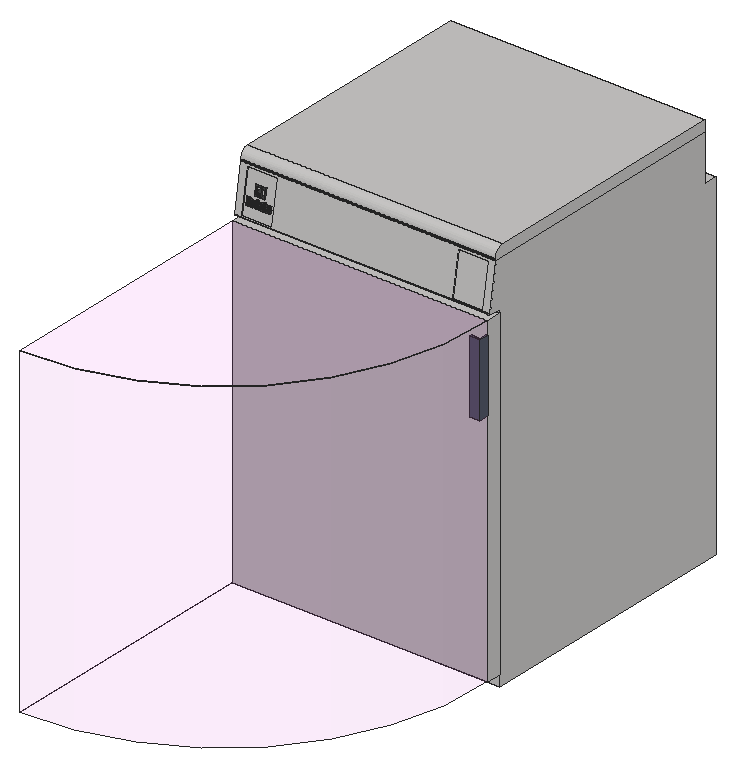
Revit family "QF_ELECTROLUXPROFESSIONAL_1LSNSP_TD6-10_E", category Attrezzature speciali, Revit 2021
Family settings
  Quota connettore circolare = Usa diametro
  Tipo di parte = Normale
  Basato su piano di lavoro = No
  Sempre verticale = Sì
  Taglio con vuoti quando caricato = No
  Condiviso = No
  Punto di calcolo locali = No
Parameters (values of type "9873530016")
  Weight = 99
  Watts = 4500 W
  Volts = 115 V
  URL = "www.electroluxprofessional.com"
  Steam Pounds per Hour = 0
  Show Logo [instance] = yes
  Show Clearance [instance] = yes
  Sensible Heat Output = "0.0"
  Prospetto di default = 0 mm
  Produttore = "Electrolux Professional"
  Phase = 3
  Modello = "TD6-10"
  Length Actual = 720 mm
  Latent Heat Output = "0.0"
  Item Number = "1LSP0G"
  Height Actual = 1115 mm
  Gas KW = 0
  Descrizione = "TUMBLE DRYER TD6-10 MARINE 10KG/23LB GALVA.DRUM EL 4,4KW 115/60/3 COMPASS PRO 6G81 SLVR/SLVR DO.RIGHT REV MB DISCON"
  Depth Actual = 765 mm
  Cycle = 60 Hz
  Corrente [instance] = "24.7"
Types (36, lengths in mm): name | Watts | Volts | Phase | Item Number | Descrizione | Cycle | Corrente
  (no name) | 4500 W | 115 V | 3 | "1LSP0G" | "TUMBLE DRYER TD6-10 MARINE 10KG/23LB GALVA.DRUM EL 4,4KW 115/60/3 COMPASS PRO 6G81 SLVR/SLVR DO.RIGHT REV MB DISCON" | 60 Hz | "24.7"
  9873530045 | 8400 W | 400 V | 3 | "1LA262" | "TUMBLE DRYER TD6-10 10KG/23LB SST DRUM EL 8KW 400/50/3N COMPASS PRO 6G81 SST/SLVR DO.RIGHT REV MB DISCON XT.CON" | 50 Hz | "12.9"
  9873530005 | 8400 W | 400 V | 3 | "1LSP06" | "TUMBLE DRYER TD6-10 10KG/23LB SST DRUM EL 8KW 400/50/3N COMPASS PRO 6G81 SLVR/SLVR DO.RIGHT REV MB DISCON XT.CON" | 50 Hz | "12.9"
  9873530015 | 8400 W | 440 V | 3 | "1LSP0F" | "TUMBLE DRYER TD6-10 MARINE 10KG/23LB SST DRUM EL 8KW 440/60/3 COMPASS PRO 6G81 SLVR/SLVR DO.RIGHT REV MB DISCON" | 60 Hz | "11.8"
  9873530040 | 8400 W | 415 V | 3 | "1L0GZC" | "TUMBLE DRYER TD6-10 MARINE 10KG/23LB SST DRUM EL 8KW 415/50/3 COMPASS PRO 6G81 SST/SLVR DO.LEFT REV MB STOP DISCON" | 50 Hz | "12.4"
  9873530010 | 8400 W | 230 V | 1 | "1LSP0B" | "TUMBLE DRYER TD6-10 10KG/23LB GALVA.DRUM EL 8KW 230/50/1N COMPASS PRO 6G81 SLVR/SLVR DO.RIGHT REV MB DISCON XT.CON" | 50 Hz | "36.7"
  9873530028 | 6400 W | 230 V | 1 | "1L0GB1" | "TUMBLE DRYER TD6-10 10KG/23LB GALVA.DRUM EL 6KW 230/60/1N COMPASS PRO 6G81 SST/SLVR DO.RIGHT REV MB DISCON XT.CON" | 60 Hz | "28.0"
  9873530038 | 6400 W | 230 V | 3 | "1LA24N" | "TUMBLE DRYER TD6-10 10KG/23LB SST DRUM EL 6KW 230/50/3 COMPASS PRO 6G82 SLVR/SLVR DO.LEFT REV STOP DISCON" | 50 Hz | "16.7"
  9873530008 | 6400 W | 440 V | 3 | "1LSP09" | "TUMBLE DRYER TD6-10 MARINE 10KG/23LB GALVA.DRUM EL 6KW 440/60/3 COMPASS PRO 6G81 SLVR/SLVR DO.RIGHT REV MB DISCON" | 60 Hz | "9.2"
  9873530018 | 6400 W | 230 V | 3 | "1LSP20" | "TUMBLE DRYER TD6-10 10KG/23LB GALVA.DRUM EL 6KW 230/60/3 COMPASS PRO 6G81 SST/SLVR DO.RIGHT REV MB DISCON" | 60 Hz | "16.7"
  9873530047 | 8400 W | 480 V | 3 | "1LT6VG" | "TUMBLE DRYER TD6-10 MARINE 10KG SST DRUM EL 8KW 480/60/3 COMPASS PRO 6G81 SST/SLVR DO.RIGHT REV MB STOP DISCON" | 60 Hz | "10.9"
  9873530037 | 6400 W | 400 V | 3 | "1LA24M" | "TUMBLE DRYER TD6-10 10KG/23LB GALVA.DRUM EL 6KW 400/50/3N COMPASS PRO 6G81 SST/SLVR DO.RIGHT REV MB DISCON XT.CON" | 50 Hz | "10.0"
  9873530007 | 8400 W | 400 V | 3 | "1LSP08" | "TUMBLE DRYER TD6-10 10KG/23LB GALVA.DRUM EL 8KW 400/50/3N COMPASS PRO 6A81 2.I/O SLVR/SLVR DO.RIGHT PREP.CB REV MB D..." | 50 Hz | "12.9"
  9873530017 | 8400 W | 440 V | 3 | "1LSP0H" | "TUMBLE DRYER TD6-10 MARINE 10KG/23LB GALVA.DRUM EL 8KW 440/60/3 COMPASS PRO 6G81 SST/SLVR DO.RIGHT REV MB DISCON" | 60 Hz | "11.8"
  9873530042 | 8400 W | 400 V | 3 | "1L828Y" | "TUMBLE DRYER TD6-10 10KG/23LB GALVA.DRUM EL 8KW 400/50/3N COMPASS PRO 6L80 SLVR/SLVR DO.RIGHT REV DISCON XT.CON" | 50 Hz | "12.9"
  9873530032 | 8400 W | 480 V | 3 | "1L0GFJ" | "TUMBLE DRYER TD6-10 MARINE 10KG/23LB GALVA.DRUM EL 8KW 480/60/3 COMPASS PRO 6G81 SLVR/SLVR DO.LEFT REV MB DISCON" | 60 Hz | "10.9"
  9873530002 | 6400 W | 400 V | 3 | "1LSP04" | "TUMBLE DRYER TD6-10 10KG/23LB GALVA.DRUM EL 6KW 400/50/3N COMPASS PRO 6G81 SLVR/SLVR DO.RIGHT REV MB DISCON XT.CON" | 50 Hz | "10.0"
  9873530012 | 6400 W | 400 V | 3 | "1LSP0D" | "TUMBLE DRYER TD6-10 MARINE 10KG/23LB GALVA.DRUM EL 6KW 400/50/3 COMPASS PRO 6G81 SLVR/SLVR DO.RIGHT REV MB DISCON" | 50 Hz | "10.0"
  9873530041 | 6400 W | 230 V | 1 | "1L0GZD" | "TUMBLE DRYER TD6-10 MARINE 10KG/23LB SST DRUM EL 6KW 230/50/1N COMPASS PRO 6G81 SST/SLVR DO.RIGHT REV MB DISCON XT.CON" | 50 Hz | "28.0"
  9873530001 | 6400 W | 400 V | 3 | "1LSNT5" | "TUMBLE DRYER TD6-10 10KG/23LB GALVA.DRUM EL 6KW 400/50/3N COMPASS PRO 6A81 SLVR/SLVR DO.LEFT REV MB XT.CON" | 50 Hz | "10.0"
  9873530011 | 8400 W | 400 V | 3 | "1LSP0C" | "TUMBLE DRYER TD6-10 10KG/23LB GALVA.DRUM EL 8KW 400/50/3N COMPASS PRO 6L80 2.I/O SLVR/SLVR DO.RIGHT EXT.PM. REV DISC..." | 50 Hz | "12.9"
  9873530039 | 6400 W | 230 V | 1 | "1LSPL2" | "TUMBLE DRYER TD6-10 10KG/23LB SST DRUM EL 6KW 230/50/1N COMPASS PRO 6G81 SLVR/SLVR DO.RIGHT REV MB DISCON XT.CON" | 50 Hz | "28.0"
  9873530009 | 8400 W | 230 V | 3 | "1LSP0A" | "TUMBLE DRYER TD6-10 10KG/23LB GALVA.DRUM EL 8KW 230/50/3 COMPASS PRO 6G81 SLVR/SLVR DO.RIGHT REV MB DISCON" | 50 Hz | "21.7"
  9873530019 | 8400 W | 440 V | 3 | "1LA09Z" | "TUMBLE DRYER TD6-10 MARINE 10KG/23LB SST DRUM EL 8KW 440/60/3 COMPASS PRO 6G81 SST/SLVR DO.RIGHT REV MB DISCON" | 60 Hz | "11.8"
  9873530044 | 8400 W | 240 V | 3 | "1LA25T" | "TUMBLE DRYER TD6-10 MARINE 10KG/23LB SST DRUM EL 8KW 208-240/60/3 COMPASS PRO 6G81 SLVR/SLVR DO.RIGHT REV MB STOP DI..." | 60 Hz | "20.8"
  9873530024 | 8400 W | 400 V | 3 | "1LSP4W" | "TUMBLE DRYER TD6-10 10KG/23LB SST DRUM EL 8KW 400/50/3N COMPASS PRO 6G81 SLVR/SLVR DO.LEFT REV MB STOP DISCON XT.CON" | 50 Hz | "12.9"
  9873530034 | 6400 W | 230 V | 3 | "1L0GTM" | "TUMBLE DRYER TD6-10 MARINE 10KG/23LB SST DRUM EL 6KW 230/50/3 COMPASS PRO 6G82 SLVR/SLVR DO.LEFT REV STOP DISCON" | 50 Hz | "16.7"
  9873530004 | 8400 W | 400 V | 3 | "1LSP05" | "TUMBLE DRYER TD6-10 10KG/23LB GALVA.DRUM EL 8KW 400/50/3N COMPASS PRO 6A81 SLVR/SLVR DO.RIGHT ELS-NETW. REV MB DISCO..." | 50 Hz | "12.9"
  9873530014 | 8400 W | 400 V | 3 | "1LSP0E" | "TUMBLE DRYER TD6-10 10KG/23LB SST DRUM EL 8KW 400/50/3 COMPASS PRO 6G81 SLVR/SLVR DO.RIGHT REV MB DISCON" | 50 Hz | "12.9"
  9873530043 | 8400 W | 240 V | 3 | "1L82B0" | "TUMBLE DRYER TD6-10 MARINE 10KG/23LB GALVA.DRUM EL 8KW 208-240/60/3 COMPASS PRO 6G81 SST/SLVR DO.RIGHT REV MB DISCON" | 60 Hz | "20.8"
  9873530033 | 6400 W | 400 V | 3 | "1LSPDB" | "TUMBLE DRYER TD6-10 MARINE 10KG/23LB GALVA.DRUM EL 6KW 400/60/3N COMPASS PRO 6G82 SLVR/SLVR DO.RIGHT REV STOP DISCON..." | 60 Hz | "10.0"
  9873530003 | 8400 W | 400 V | 3 | "1LSP0N" | "TUMBLE DRYER TD6-10 10KG/23LB GALVA.DRUM EL 8KW 400/50/3N COMPASS PRO 6G81 SLVR/SLVR DO.RIGHT REV MB DISCON XT.CON" | 50 Hz | "12.9"
  9873530013 | 8400 W | 400 V | 3 | "1L0HE0" | "TUMBLE DRYER TD6-10 MARINE 10KG/23LB SST DRUM EL 8KW 400/50/3 COMPASS PRO 6G81 SLVR/SLVR DO.RIGHT REV MB DISCON" | 50 Hz | "12.9"
  9873530036 | 8400 W | 400 V | 3 | "1L0GUU" | "TUMBLE DRYER TD6-10 10KG/23LB GALVA.DRUM EL 8KW 400/50/3N COMPASS PRO 6L80 SLVR/SLVR DO.RIGHT REV XT.CON" | 50 Hz | "12.9"
  9873530006 | 6400 W | 230 V | 1 | "1LSP07" | "TUMBLE DRYER TD6-10 10KG/23LB GALVA.DRUM EL 6KW 230/50/1N COMPASS PRO 6G81 SLVR/SLVR DO.RIGHT REV MB DISCON XT.CON" | 50 Hz | "28.0"
  9873530016 | 4500 W | 115 V | 3 | "1LSP0G" | "TUMBLE DRYER TD6-10 MARINE 10KG/23LB GALVA.DRUM EL 4,4KW 115/60/3 COMPASS PRO 6G81 SLVR/SLVR DO.RIGHT REV MB DISCON" | 60 Hz | "24.7"
Reference planes
  plane 1 "Center X": y = 53.8
  plane 2: z = 0
  plane 3 "Centro (Sinistra/Destra)": x = -439
  plane 4 "BACK": y = 414.5
  plane 5 "LEFT": x = -799
  plane 6 "RIGHT": x = -79
  plane 7 "TOP": z = 1115
  plane 8: z = 544
  plane 9 "FRONT": y = -390.5
  plane 10: y = -1140.5
Forms (mm)
  Extrusion 1, solid, material "QF_Finishes_Stainless Steel"
    sketch origin (718.1, -398.1, 598.796) x (0, 0, -1) y (0, 1, 0)
      loop
        line (568.796, 812.6) -> (-356.204, 812.6) -> (-356.204, 50.485) -> (568.796, 50.485) -> (568.796, 812.6)
    from -1517.1 to -797.1
  Extrusion 2, solid, material "QF_Finishes_Stainless Steel"
    sketch origin (718.1, -398.1, 534.496) x (0, 0, -1) y (0, 1, 0)
      loop
        line (-550.504, 776.9) -> (-580.504, 776.9) -> (-580.504, 61.627)
        arc (-580.504, 61.627) -> (-573.182, 43.95) -> (-555.504, 36.627) r 25
        line (-555.504, 36.627) -> (-553.385, 36.627)
        arc (-553.385, 36.627) -> (-551.348, 37.471) -> (-550.504, 39.508) r 2.881
        line (-550.504, 39.508) -> (-550.504, 776.9)
    from -1517.1 to -797.1
  Extrusion 3, solid, material "QF_Finishes_Stainless Steel"
    sketch origin (653.591, 364.5, -144.635) x (0, 0, 1) y (1, 0, 0)
      loop
        circle (1079.611, -777.591) r 13.893
    from 14.3 to 50
  Extrusion 4, solid, material "QF_Finishes_Stainless Steel"
    sketch origin (591.705, 414.5, 23.818) x (0, 0, 1) y (1, 0, 0)
      loop
        circle (66.19, -1275.711) r 75
    from 0 to 5
  Extrusion 5, solid, material "QF_Finishes_Stainless Steel"
    sketch origin (-439, 0, 0) x (0, 1, 0) y (0, 0, 1)
      loop
        line (378.8, 955) -> (378.8, 1085) -> (-361.119, 1085) -> (-383.447, 958.374)
        arc (-383.447, 958.374) -> (-382.818, 956.027) -> (-380.615, 955) r 2.875
        line (-380.615, 955) -> (378.8, 955)
    from -360 to 360
  Extrusion 6, solid, material "QF_Finishes_Stainless Steel"
    sketch origin (0, 0, 1114.3) x (-1, 0, 0) y (0, -1, 0)
      loop
        line (799, -414.5) -> (799, 347.616) -> (79, 347.616) -> (79, -414.5) -> (799, -414.5)
    from -1114.3 to -1084.3
  Extrusion 7, solid, material "QF_Finishes_Stainless Steel"
    sketch origin (-439, -22.5, 0) x (0, 1, 0) y (0, 0, 1)
      loop
        line (-325.116, 946) -> (-368, 946) -> (-368, 30) -> (-325.116, 30) -> (-325.116, 946)
    from -360 to 360
  Extrusion 8, void
    sketch origin (-439, -390.5, 918.374) x (0, -0.173648, -0.984808) y (-1, 0, 0)
      loop
        line (-162.54, 340.421) -> (-162.54, 255.421) -> (-42.97, 255.421) -> (-42.97, 340.421) -> (-162.54, 340.421)
      loop
        line (-162.54, -340.421) -> (-42.97, -340.421) -> (-42.97, -255.421) -> (-162.54, -255.421) -> (-162.54, -340.421)
    from 0 to 1.6
  Extrusion 9, solid, material "QF_Finishes_Blue"
    sketch origin (0, -6.937, 234.875) x (1, 0, 0) y (0, 1, 0)
      loop
        line (-79, -383.563) -> (-84, -383.563) -> (-84, -405.022) -> (-106.5, -405.022) -> (-106.5, -410.022) -> (-79, -410.022) -> (-79, -383.563)
    from 469.719 to 673.137
  Extrusion 10, solid, material "QF_Door-Drawer Clearances", visible <- "Show Clearance"
    sketch origin (0, -59.522, 0) x (1, 0, 0) y (0, 1, 0)
      loop
        line (-799, -330.978) -> (-799, -1080.978)
        arc (-799, -1080.978) -> (-274.863, -863.549) -> (-79, -330.978) r 707.588
        line (-79, -330.978) -> (-799, -330.978)
    from 30 to 946
Cuts and joins
  Extrusion 8 cuts Extrusion 1
  Extrusion 8 cuts Extrusion 5
  Extrusion 8 cuts Extrusion 6
  joined: Extrusion 1, Extrusion 5, Extrusion 6
Lines and regions (mm)
  Split face 1
    outline origin (-79, -361.119, 1085) x (-1, 0, 0) y (0, -0.173648, -0.984808)
      loop
        line (470, 13.377) -> (470, 124.524) -> (250, 124.524) -> (250, 13.377) -> (470, 13.377)
  symbolic lines
    curve 1: line (-79, 414.5, 1115) -> (-799, 414.5, 1115)
    curve 2: line (-799, -390.5, 1115) -> (-79, -390.5, 1115)
    curve 3: line (-79, 414.5, 0) -> (-79, -390.5, 0)
    curve 4: line (-799, 414.5, 0) -> (-799, -390.5, 0)
    curve 5: line (-84, -390.5, 0) -> (-84, -411.96, 0)
    curve 6: line (-79, -416.96, 0) -> (-79, -390.5, 0)
    curve 7: line (-106.5, -416.96, 0) -> (-79, -416.96, 0)
    curve 8: line (-106.5, -411.96, 0) -> (-106.5, -416.96, 0)
    curve 9: line (-84, -411.96, 0) -> (-106.5, -411.96, 0)
    curve 10: line (-79, 378.8, 0) -> (-799, 378.8, 0)
  symbolic lines, style "QF_Door-Drawer Clearances"
    curve 11: arc (-799, -1140.5, 0) -> (-274.863, -923.072, 0) -> (-79, -390.5, 0) r 707.588
    curve 12: line (-799, -390.5, 0) -> (-799, -1140.5, 0)
Dimensions and locks
  equal spacing: plane 5 "LEFT", plane 3 "Centro (Sinistra/Destra)", plane 6 "RIGHT"
  plane 5 "LEFT" to plane 6 "RIGHT" = 720 mm  (x2)
  plane 4 "BACK" to plane 1 "Center X" = 360.7 mm
  plane 7 "TOP" to level = 1115 mm  (x2)
  plane 4 "BACK" to plane 9 "FRONT" = 805 mm  (x2)
  plane 9 "FRONT" to plane 10 = 750 mm
  Extrusion 7 to cut or joined group of Extrusion 1, Extrusion 5, Extrusion 6, Extrusion 8 = 9 mm
  aligned and locked: level to plane 2
  aligned and locked: Extrusion 1 to plane 5 "LEFT"
  aligned and locked: plane 6 "RIGHT" to Extrusion 1
  aligned and locked: Extrusion 2 to plane 5 "LEFT"
  aligned and locked: plane 6 "RIGHT" to Extrusion 2
  aligned and locked: plane 6 "RIGHT" to Extrusion 5
  aligned and locked: Extrusion 5 to plane 5 "LEFT"
  aligned and locked: Extrusion 7 to plane 5 "LEFT"
  aligned and locked: plane 6 "RIGHT" to Extrusion 7
Automatic sketch dimensions
  level to Extrusion 4 sketch curve = 90.008 mm
  Extrusion 4 sketch curve to plane 3 "Centro (Sinistra/Destra)" = 245.005 mm
  Extrusion 1 sketch curve to plane 4 "BACK" = 0 mm
  Extrusion 1 sketch curve to plane 7 "TOP" = 160 mm
  level to Extrusion 1 sketch curve = 30 mm
  plane 9 "FRONT" to Extrusion 1 sketch curve = 42.884 mm
  Extrusion 2 sketch curve to plane 7 "TOP" = 0 mm
  Extrusion 2 sketch curve to plane 7 "TOP" = 25 mm
  Extrusion 2 sketch curve to Extrusion 2 sketch curve = 2.119 mm
  Extrusion 2 sketch curve to Extrusion 2 sketch curve = 2.881 mm
  plane 9 "FRONT" to Extrusion 2 sketch curve = 29.027 mm
  Extrusion 2 sketch curve to plane 4 "BACK" = 35.7 mm
  Extrusion 3 sketch curve to plane 6 "RIGHT" = 45 mm
  Extrusion 3 sketch curve to plane 7 "TOP" = 180.024 mm
  plane 9 "FRONT" to Extrusion 5 sketch curve = 7.053 mm
  plane 9 "FRONT" to Extrusion 5 sketch curve = 9.885 mm
  plane 9 "FRONT" to Extrusion 5 sketch curve = 29.381 mm
  Extrusion 5 sketch curve to plane 4 "BACK" = 35.7 mm
  Extrusion 5 sketch curve to plane 7 "TOP" = 160 mm
  Extrusion 5 sketch curve to Extrusion 5 sketch curve = 2.875 mm
  Extrusion 5 sketch curve to plane 7 "TOP" = 30 mm
  Extrusion 6 sketch curve to plane 4 "BACK" = 0 mm
  Extrusion 6 sketch curve to plane 6 "RIGHT" = 0 mm
  Extrusion 6 sketch curve to plane 5 "LEFT" = 0 mm
  plane 9 "FRONT" to Extrusion 6 sketch curve = 42.884 mm
  plane 9 "FRONT" to Extrusion 7 sketch curve = 0 mm
  Extrusion 7 sketch curve to Extrusion 7 sketch curve = 42.884 mm
  level to Extrusion 7 sketch curve = 30 mm
  Extrusion 7 sketch curve to plane 7 "TOP" = 169 mm
  Extrusion 8 sketch curve to Extrusion 5 = 6.656 mm  (x2)
  Extrusion 5 to Extrusion 8 sketch curve = 2.353 mm  (x2)
  Extrusion 8 sketch curve to Extrusion 5 = 19.579 mm  (x2)
  Extrusion 8 sketch curve to Extrusion 8 sketch curve = 85 mm
  Extrusion 8 sketch curve to Extrusion 5 = 104.579 mm
  Split face 1 sketch curve to cut or joined group of Extrusion 1, Extrusion 5, Extrusion 6, Extrusion 8 = 6.721 mm
  cut or joined group of Extrusion 1, Extrusion 5, Extrusion 6, Extrusion 8 to Split face 1 sketch curve = 145.421 mm  (x2)
  Split face 1 sketch curve to cut or joined group of Extrusion 1, Extrusion 5, Extrusion 6, Extrusion 8 = 1.702 mm
  Extrusion 9 sketch curve to plane 6 "RIGHT" = 0 mm
  Extrusion 9 sketch curve to plane 6 "RIGHT" = 5 mm
  Extrusion 9 sketch curve to Extrusion 9 sketch curve = 22.5 mm
  Extrusion 9 sketch curve to plane 9 "FRONT" = 26.46 mm
  Extrusion 9 sketch curve to Extrusion 9 sketch curve = 5 mm
  plane 9 "FRONT" to Extrusion 9 sketch curve = 0 mm
  Extrusion 10 sketch curve to plane 5 "LEFT" = 0 mm
  Extrusion 10 sketch curve to plane 6 "RIGHT" = 0 mm
  Extrusion 10 sketch curve to plane 10 = 0 mm
  Extrusion 10 sketch curve to plane 9 "FRONT" = 0 mm
  plane 5 "LEFT" to Extrusion 10 sketch curve = 13.692 mm
  curve 2 to plane 6 "RIGHT" = 0 mm
  curve 1 to plane 4 "BACK" = 0 mm
  curve 1 to plane 6 "RIGHT" = 0 mm
  curve 2 to plane 5 "LEFT" = 0 mm
  curve 1 to plane 5 "LEFT" = 0 mm
  curve 2 to plane 9 "FRONT" = 0 mm
  curve 12 to plane 5 "LEFT" = 0 mm
  curve 6 to plane 6 "RIGHT" = 0 mm
  curve 10 to plane 6 "RIGHT" = 0 mm
  curve 11 to plane 10 = 0 mm
  curve 4 to plane 9 "FRONT" = 0 mm
  curve 11 to plane 9 "FRONT" = 0 mm
  curve 4 to plane 4 "BACK" = 0 mm
  curve 3 to plane 4 "BACK" = 0 mm
  plane 5 "LEFT" to curve 11 = 13.692 mm
  curve 9 to plane 6 "RIGHT" = 27.5 mm
  curve 9 to plane 6 "RIGHT" = 5 mm
  curve 7 to plane 9 "FRONT" = 26.46 mm
  curve 7 to curve 9 = 5 mm
  curve 5 to curve 6 = 0 mm
  curve 10 to plane 4 "BACK" = 35.7 mm
  radius of Extrusion 4 sketch curve = 75 mm
  radius of Extrusion 3 sketch curve = 13.893 mm
Nested families
  nested 1: "ELX_Logo_Professional" at (-736.921, -372.019, 1013.971) x (1, 0, 0) z (0, -0.9848, 0.1736), visible <- "Show Logo", type "ELX_Logo_Professional"
Connectors
  piping at (-684.005, 419.5, 90.008), diameter 150
    settings: on Extrusion 4, index 3, connector inside diameter 609.6 mm, connector length 0 mm, flow factor 0, pipe flow 0.0 L/s, pressure drop 0.0 Pa, fitting loss kfactor 0, connector angle 0.00°, fixture units 0, engagement length 0 mm, angle of deflection 0.00°, flow configuration 1, flow direction 2, fitting loss method 0, system type 8, joint type 0, gender type 0, connector reference index -1, connector utility 0, adjustable connector no, is connector primary yes, connector description "Exhaust Connection"
  electrical at (-124, 414.5, 934.976)
    settings: on Extrusion 3, index 4, voltage 0 V, apparent load 0 VA, apparent load phase1 0 VA, apparent load phase2 0 VA, apparent load phase3 0 VA, power factor 1, load classification "Other", number of poles 1, system type 30, power factor state 1, is connector primary yes, connector utility no, sub classification motor no, connector description "Electrical Connection"
Definition of nested family "ELX_Logo_Professional"
  Parameters (values of type "ELX_Logo_Professional")
    materiale = none
    Default Elevation = 0 mm
  Reference planes
    plane 1 "Centro (Fronte/Retro)": y = 0
    plane 2: z = 0
    plane 3 "Centro (Sinistra/Destra)": x = 0
  Forms (mm)
    Extrusion 1, solid
      sketch origin (0, 0, 0) x (1, 0, 0) y (0, 1, 0)
        loop
          line (-1219.2, 1219.2) -> (-1219.2, -1219.2) -> (1219.2, -1219.2) -> (1219.2, 1219.2) -> (-1219.2, 1219.2)
      from 0 to -304.8
    Extrusion 2, solid, material <- "materiale"
      sketch origin (-144.622, -1081.55, 0) x (-1, 0, 0) y (0, -1, 0)
        loop
          line (-130.265, -1113.361) -> (-130.265, -1084.645) -> (-158.979, -1084.645) -> (-158.979, -1113.361) -> (-130.265, -1113.361)
        loop
          arc (-146.24, -1106.937) -> (-147.076, -1109.166) -> (-147.324, -1111.534) r 9.395
          arc (-147.324, -1111.534) -> (-145.139, -1111.806) -> (-142.939, -1111.706) r 13.008
          line (-142.939, -1111.706) -> (-141.329, -1111.382) -> (-139.8, -1110.859) -> (-138.364, -1110.152) -> (-137.035, -1109.277) -> (-135.826, -1108.249) -> (-134.751, -1107.081) -> (-133.821, -1105.789) -> (-133.05, -1104.389) -> (-132.452, -1102.893) -> (-132.039, -1101.318) -> (-131.824, -1099.675) -> (-134.539, -1099.675) -> (-136.155, -1099.784) -> (-137.741, -1100.101) -> (-139.277, -1100.613) -> (-140.74, -1101.304) -> (-142.111, -1102.159) -> (-143.367, -1103.165) -> (-144.488, -1104.306) -> (-145.453, -1105.568) -> (-146.24, -1106.937)
        loop
          line (-148.67, -1086.844) -> (-150.173, -1087.464) -> (-151.57, -1088.253) -> (-152.847, -1089.196) -> (-153.992, -1090.281) -> (-154.994, -1091.494) -> (-155.841, -1092.821) -> (-156.519, -1094.25) -> (-157.018, -1095.766) -> (-157.324, -1097.357) -> (-157.427, -1099.009) -> (-157.315, -1100.685) -> (-156.998, -1102.296) -> (-156.488, -1103.827) -> (-155.799, -1105.265) -> (-154.946, -1106.596) -> (-153.94, -1107.806) -> (-152.796, -1108.882) -> (-151.528, -1109.81) -> (-150.148, -1110.576) -> (-148.67, -1111.167) -> (-148.67, -1086.844)
        loop
          arc (-147.323, -1086.473) -> (-147.041, -1088.83) -> (-146.239, -1091.065) r 10.532
          line (-146.239, -1091.065) -> (-145.452, -1092.432) -> (-144.488, -1093.693) -> (-143.367, -1094.833) -> (-142.111, -1095.838) -> (-140.741, -1096.693) -> (-139.278, -1097.383) -> (-137.743, -1097.894) -> (-136.157, -1098.211) -> (-134.541, -1098.32) -> (-131.822, -1098.32) -> (-131.976, -1096.81) -> (-132.312, -1095.353) -> (-132.818, -1093.961) -> (-133.481, -1092.644) -> (-134.291, -1091.416) -> (-135.235, -1090.288) -> (-136.302, -1089.272) -> (-137.48, -1088.379) -> (-138.757, -1087.622) -> (-140.121, -1087.012) -> (-141.56, -1086.561) -> (-143.063, -1086.281) -> (-144.633, -1086.183)
          arc (-144.633, -1086.183) -> (-145.985, -1086.264) -> (-147.323, -1086.473) r 14.39
        loop
          line (-111.329, -1069.559) -> (-111.329, -1071.073) -> (-116.048, -1071.073) -> (-116.048, -1072.896) -> (-111.328, -1072.896) -> (-111.328, -1075.549) -> (-116.349, -1075.549) -> (-116.349, -1077.368) -> (-109.396, -1077.368) -> (-109.396, -1073.46) -> (-109.396, -1069.659)
          arc (-109.396, -1069.659) -> (-110.425, -1067.175) -> (-112.909, -1066.146) r 3.513
          line (-112.909, -1066.146) -> (-116.483, -1066.146) -> (-116.483, -1067.963) -> (-112.925, -1067.963)
          arc (-112.925, -1067.963) -> (-111.797, -1068.431) -> (-111.329, -1069.559) r 1.596
        loop
          line (-119.79, -1077.358) -> (-117.856, -1077.358) -> (-117.856, -1072.053) -> (-117.856, -1066.132) -> (-119.79, -1066.132) -> (-119.79, -1072.092) -> (-119.79, -1077.358)
        loop
          line (-122.986, -1069.718) -> (-129.327, -1069.718)
          arc (-129.327, -1069.718) -> (-129.219, -1071.449) -> (-128.497, -1073.026) r 4.757
          arc (-128.497, -1073.026) -> (-125.237, -1074.5) -> (-121.978, -1073.026) r 4.34
          arc (-121.978, -1073.026) -> (-121.072, -1070.207) -> (-121.978, -1067.388) r 4.838
          arc (-121.978, -1067.388) -> (-125.393, -1065.933) -> (-128.809, -1067.388) r 4.737
          line (-128.809, -1067.388) -> (-127.645, -1068.52)
          arc (-127.645, -1068.52) -> (-125.509, -1067.576) -> (-123.374, -1068.52) r 2.888
          arc (-123.374, -1068.52) -> (-123.05, -1069.077) -> (-122.986, -1069.718) r 1.527
        loop
          arc (-127.386, -1071.076) -> (-126.67, -1072.331) -> (-125.331, -1072.872) r 2.201
          arc (-125.331, -1072.872) -> (-123.848, -1072.402) -> (-123.033, -1071.076) r 2.23
          line (-123.033, -1071.076) -> (-127.386, -1071.076)
        loop
          line (-136.862, -1071.886) -> (-138.059, -1073.132)
          arc (-138.059, -1073.132) -> (-130.327, -1070.219) -> (-138.059, -1067.306) r 4.415
          line (-138.059, -1067.306) -> (-136.862, -1068.553)
          arc (-136.862, -1068.553) -> (-132.252, -1070.22) -> (-136.862, -1071.886) r 2.606
        loop
          line (-141.192, -1069.673) -> (-141.192, -1072.494) -> (-142.951, -1072.494) -> (-142.951, -1074.25) -> (-141.195, -1074.25) -> (-141.195, -1077.358) -> (-139.262, -1077.358) -> (-139.262, -1073.332) -> (-139.262, -1069.514)
          arc (-139.262, -1069.514) -> (-140.299, -1066.92) -> (-142.98, -1066.132) r 3.196
          line (-142.98, -1066.132) -> (-142.987, -1067.949)
          arc (-142.987, -1067.949) -> (-141.652, -1068.356) -> (-141.192, -1069.673) r 1.542
        loop
          line (-146.494, -1073.042) -> (-146.494, -1074.25) -> (-144.576, -1074.25) -> (-144.576, -1070.271) -> (-144.576, -1066.132) -> (-146.494, -1066.132) -> (-146.494, -1070.401)
          arc (-146.494, -1070.401) -> (-147.446, -1072.228) -> (-149.489, -1072.494) r 2.229
          line (-149.489, -1072.494) -> (-149.489, -1074.362)
          arc (-149.489, -1074.362) -> (-147.761, -1074.226) -> (-146.494, -1073.042) r 2.627
        loop
          line (-159.833, -1072.246) -> (-159.833, -1066.131) -> (-161.767, -1066.131) -> (-161.767, -1072.17) -> (-161.767, -1077.359) -> (-159.833, -1077.359) -> (-159.833, -1072.246)
        loop
          line (-165.194, -1069.514) -> (-165.194, -1074.25) -> (-163.245, -1074.25) -> (-163.245, -1071.898) -> (-163.245, -1069.098)
          arc (-163.245, -1069.098) -> (-166.96, -1065.769) -> (-170.687, -1069.085) r 3.745
          line (-170.687, -1069.085) -> (-170.687, -1071.898) -> (-170.687, -1074.25) -> (-168.739, -1074.25) -> (-168.739, -1069.514)
          arc (-168.739, -1069.514) -> (-166.967, -1067.742) -> (-165.194, -1069.514) r 1.772
        loop
          line (-174.654, -1070.416) -> (-172.975, -1068.078) -> (-171.578, -1066.131) -> (-173.656, -1066.131) -> (-175.717, -1068.999) -> (-177.779, -1066.131) -> (-179.857, -1066.131) -> (-178, -1068.728) -> (-176.781, -1070.433) -> (-178.29, -1072.488) -> (-179.583, -1074.25) -> (-177.473, -1074.25) -> (-175.717, -1071.818) -> (-173.945, -1074.25) -> (-171.852, -1074.25) -> (-173.052, -1072.608) -> (-174.654, -1070.416)
        loop
          circle (-154.223, -1070.188) r 2.508
        loop
          circle (-154.223, -1070.188) r 4.42
        loop
          line (-110.224, -1058.542) -> (-111.194, -1058.542)
          arc (-111.194, -1058.542) -> (-112.217, -1059.95) -> (-110.924, -1061.114) r 1.3
          line (-110.924, -1061.114) -> (-109.424, -1061.114) -> (-109.424, -1057.223) -> (-110.224, -1057.223) -> (-110.224, -1058.542)
        loop
          line (-110.224, -1060.379) -> (-110.224, -1059.293) -> (-111.03, -1059.293)
          arc (-111.03, -1059.293) -> (-111.43, -1059.836) -> (-111.03, -1060.379) r 0.569
          line (-111.03, -1060.379) -> (-110.224, -1060.379)
        loop
          line (-116.302, -1058.564) -> (-117.128, -1058.564) -> (-117.934, -1057.223) -> (-118.841, -1057.223) -> (-117.833, -1058.884)
          arc (-117.833, -1058.884) -> (-118.214, -1060.282) -> (-117.028, -1061.114) r 1.26
          line (-117.028, -1061.114) -> (-115.503, -1061.114) -> (-115.503, -1057.223) -> (-116.302, -1057.223) -> (-116.302, -1058.564)
        loop
          line (-116.302, -1060.379) -> (-116.302, -1059.293) -> (-117.109, -1059.293)
          arc (-117.109, -1059.293) -> (-117.508, -1059.836) -> (-117.109, -1060.379) r 0.569
          line (-117.109, -1060.379) -> (-116.302, -1060.379)
        loop
          line (-128.923, -1057.223) -> (-129.723, -1057.223) -> (-129.723, -1058.714) -> (-131.187, -1058.714) -> (-131.187, -1059.514) -> (-129.723, -1059.514) -> (-129.723, -1060.314) -> (-131.327, -1060.314) -> (-131.327, -1061.114) -> (-128.923, -1061.114) -> (-128.923, -1057.223)
        loop
          arc (-134.628, -1058.469) -> (-134.992, -1057.588) -> (-135.874, -1057.223) r 1.246
          line (-135.874, -1057.223) -> (-137.13, -1057.223) -> (-137.13, -1058.023) -> (-135.969, -1058.023)
          arc (-135.969, -1058.023) -> (-135.53, -1058.237) -> (-135.427, -1058.714) r 0.558
          line (-135.427, -1058.714) -> (-136.984, -1058.714) -> (-136.984, -1059.514) -> (-135.427, -1059.514) -> (-135.427, -1060.314) -> (-137.092, -1060.314) -> (-137.092, -1061.114) -> (-134.628, -1061.114) -> (-134.628, -1058.469)
        loop
          line (-152.3, -1057.223) -> (-153.1, -1057.223) -> (-153.1, -1061.114) -> (-152.3, -1061.114) -> (-152.3, -1057.223)
        loop
          line (-164.67, -1057.223) -> (-164.67, -1059.67) -> (-166.45, -1057.223) -> (-167.25, -1057.223) -> (-167.25, -1061.114) -> (-166.42, -1061.114) -> (-166.42, -1058.594) -> (-164.64, -1061.114) -> (-163.84, -1061.114) -> (-163.84, -1057.223) -> (-164.67, -1057.223)
        loop
          line (-170.403, -1057.223) -> (-171.262, -1057.223) -> (-171.641, -1058.063) -> (-173.08, -1058.063) -> (-173.459, -1057.223) -> (-174.317, -1057.223) -> (-172.796, -1061.113) -> (-171.996, -1061.113) -> (-170.403, -1057.223)
        loop
          line (-177.493, -1057.223) -> (-179.789, -1057.223) -> (-179.789, -1058.023) -> (-178.293, -1058.023) -> (-178.293, -1061.114) -> (-177.493, -1061.114) -> (-177.493, -1057.223)
        loop
          line (-172.362, -1059.848) -> (-171.945, -1058.83) -> (-172.76, -1058.83) -> (-172.362, -1059.848)
        loop
          circle (-158.484, -1059.145) r 1.288
        loop
          circle (-158.484, -1059.145) r 2.065
        loop
          arc (-146.04, -1058.095) -> (-146.933, -1057.275) -> (-148.145, -1057.245) r 1.725
          arc (-148.145, -1057.245) -> (-148.965, -1058.02) -> (-148.68, -1059.111) r 1.107
          arc (-148.68, -1059.111) -> (-148.103, -1059.465) -> (-147.486, -1059.746) r 5.523
          arc (-147.486, -1059.746) -> (-147.147, -1060.262) -> (-147.708, -1060.52) r 0.407
          arc (-147.708, -1060.52) -> (-148.045, -1060.315) -> (-148.325, -1060.038) r 1.702
          line (-148.325, -1060.038) -> (-149.011, -1060.45)
          arc (-149.011, -1060.45) -> (-148.578, -1060.911) -> (-148.043, -1061.247) r 2.463
          arc (-148.043, -1061.247) -> (-146.373, -1060.466) -> (-147.42, -1058.949) r 1.207
          spline (-147.42, -1058.949) -> (-147.716, -1058.809) -> (-147.932, -1058.678) -> (-148.077, -1058.557) -> (-148.163, -1058.446) -> (-148.198, -1058.347) -> (-148.192, -1058.258) -> (-148.157, -1058.182) -> (-148.102, -1058.118) -> (-148.037, -1058.068) -> (-147.972, -1058.031) -> (-147.917, -1058.008) -> (-147.883, -1058)
          arc (-147.883, -1058) -> (-147.238, -1058.014) -> (-146.759, -1058.446) r 0.925
          line (-146.759, -1058.446) -> (-146.04, -1058.095)
        loop
          arc (-140.18, -1058.095) -> (-141.073, -1057.275) -> (-142.285, -1057.245) r 1.725
          arc (-142.285, -1057.245) -> (-143.106, -1058.02) -> (-142.821, -1059.111) r 1.107
          arc (-142.821, -1059.111) -> (-142.243, -1059.465) -> (-141.627, -1059.746) r 5.523
          arc (-141.627, -1059.746) -> (-141.287, -1060.262) -> (-141.849, -1060.52) r 0.407
          arc (-141.849, -1060.52) -> (-142.185, -1060.315) -> (-142.466, -1060.038) r 1.702
          line (-142.466, -1060.038) -> (-143.151, -1060.45)
          arc (-143.151, -1060.45) -> (-142.719, -1060.911) -> (-142.183, -1061.247) r 2.463
          arc (-142.183, -1061.247) -> (-140.513, -1060.466) -> (-141.56, -1058.949) r 1.207
          spline (-141.56, -1058.949) -> (-141.856, -1058.809) -> (-142.072, -1058.678) -> (-142.218, -1058.557) -> (-142.303, -1058.446) -> (-142.338, -1058.347) -> (-142.333, -1058.258) -> (-142.298, -1058.182) -> (-142.242, -1058.118) -> (-142.177, -1058.068) -> (-142.112, -1058.031) -> (-142.057, -1058.008) -> (-142.023, -1058)
          arc (-142.023, -1058) -> (-141.378, -1058.014) -> (-140.9, -1058.446) r 0.925
          line (-140.9, -1058.446) -> (-140.18, -1058.095)
        loop
          circle (-123.484, -1059.145) r 1.288
        loop
          circle (-123.484, -1059.145) r 2.065
      from 0 to 1.6
  Dimensions and locks
    aligned and locked: plane 2 to Extrusion 1
    aligned and locked: level to Extrusion 1
